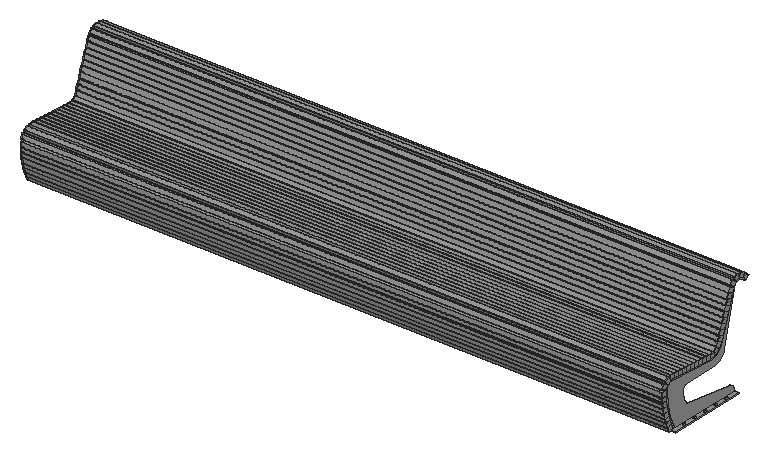
Revit family "Скамейка «Архимед»", category Антураж, Revit 2017
Family settings
  На основе рабочей плоскости = Нет
  Всегда вертикально = Да
  При загрузке вырезать с полостями = Нет
  Источник визуального образа = Геометрия семейства
  Общий = Нет
  Точка расчета площади = Нет
Parameters (values of type "Скамейка «Архимед» 5,5м")
  Центральная опора = yes
  Стоимость = 76767
  Изготовитель = "ООО \"Хоббика\""
  Высота = 0 mm
  URL = "https://hobbyka.ru/product/skameyka_arkhimed/?sphrase_id=90304"
  ADSK_Размер_Ширина = 921 mm  # constant formula
  ADSK_Размер_Длина = 5500 mm
  ADSK_Размер_Высота = 926 mm  # constant formula
  ADSK_Наименование = "Скамейка «Архимед»"
  ADSK_Материал фурнитуры = Сталь, окрашенная, темно-серая, матовая
  ADSK_Материал опоры = Сталь, окрашенная, темно-серая, матовая
  ADSK_Материал доски = Сосна, лучистая
  ADSK_Код изделия = "11478"  # constant formula
Types (9, lengths in mm): name | Центральная опора | Стоимость | ADSK_Размер_Длина
  (no name) | yes | 76767 | 5500
  Скамейка «Архимед» 1,2м | no | 26532 | 1200
  Скамейка «Архимед» 1,5м | no | 28023 | 1500
  Скамейка «Архимед» 1,8м | no | 30310 | 1800
  Скамейка «Архимед» 2,0м | no | 31835 | 2000
  Скамейка «Архимед» 2,0м (3опоры) | yes | 26532 | 3000
  Скамейка «Архимед» 2,5м (3 опоры) | yes | 43287 | 2500
  Скамейка «Архимед» 3,0м (3 опоры) | yes | 47099 | 2500
  Скамейка «Архимед» 5,5м | yes | 76767 | 5500
Reference planes
  plane 1 "По центру (Вперед/Назад)": y = 0
  plane 2: z = 0
  plane 3 "По центру (Влево/Вправо)": x = 0
  plane 4: x = -2750
  plane 5: x = 2750
Forms (mm)
  Extrusion 1, solid, not visible
    sketch origin (0, 0, 0) x (0, 1, 0) y (0, 0, 1)
      loop
        line (-734.679, 421.047) -> (-768.877, 400.946) -> (-782.356, 367.528) -> (-777.719, 365.657) -> (-764.876, 397.498) -> (-732.145, 416.737) -> (-734.679, 421.047)
      loop
        line (-256.635, 396.802) -> (-305.178, 392.779) -> (-305.178, 387.762) -> (-254.735, 391.942) -> (-213.989, 423.73) -> (-217.065, 427.672) -> (-256.635, 396.802)
      loop
        line (-37.078, 870.363) -> (-59.705, 845.204) -> (-56.164, 841.664) -> (-34.256, 866.024) -> (3.363, 878.271) -> (40.12, 865.328) -> (65.424, 836.119) -> (68.968, 839.664) -> (43.031, 869.604) -> (3.426, 883.55) -> (-37.078, 870.363)
    from 0 to 250
Dimensions and locks
  equal spacing: plane 4, plane 3 "По центру (Влево/Вправо)", plane 5
  "ADSK_Размер_Длина": plane 4 to plane 5
  aligned and locked: level to plane 2
  aligned and locked: nested 1 to plane 1 "По центру (Вперед/Назад)"
  aligned and locked: plane 4 to nested 1
  aligned and locked: plane 5 to nested 2
  aligned and locked: nested 1 to plane 4  (x2)
  aligned and locked: nested 4 to plane 4
  aligned and locked: nested 5 to plane 4
  aligned and locked: nested 6 to plane 4
  aligned and locked: nested 7 to plane 4
  aligned and locked: nested 8 to plane 4
  aligned and locked: nested 9 to plane 4
  aligned and locked: nested 10 to plane 4
  aligned and locked: nested 11 to plane 4
  aligned and locked: nested 12 to plane 4
  aligned and locked: nested 13 to plane 4
  aligned and locked: nested 14 to plane 4
  aligned and locked: nested 15 to plane 4
  aligned and locked: nested 16 to plane 4
  aligned and locked: nested 17 to plane 4
  aligned and locked: nested 18 to plane 4
  aligned and locked: nested 19 to plane 4
  aligned and locked: nested 20 to plane 4
  aligned and locked: nested 21 to plane 4
  aligned and locked: plane 4 to nested 23
  aligned and locked: plane 4 to nested 22
  aligned and locked: plane 4 to nested 28
  aligned and locked: plane 4 to nested 29
  aligned and locked: plane 4 to nested 38
  aligned and locked: plane 4 to nested 39
  aligned and locked: plane 4 to nested 37
  aligned and locked: plane 4 to nested 36
  aligned and locked: plane 4 to nested 35
  aligned and locked: plane 4 to nested 34
  aligned and locked: plane 4 to nested 32
  aligned and locked: plane 4 to nested 33
  aligned and locked: plane 4 to nested 31
  aligned and locked: plane 4 to nested 30
  aligned and locked: plane 4 to nested 24
  aligned and locked: plane 4 to nested 25
  aligned and locked: plane 4 to nested 26
  aligned and locked: plane 4 to nested 27
Automatic sketch dimensions
  plane 1 "По центру (Вперед/Назад)" to Extrusion 1 sketch curve = 782.356 mm
  level to Extrusion 1 sketch curve = 365.657 mm
  Extrusion 1 sketch curve to Extrusion 1 sketch curve = 4.637 mm
  Extrusion 1 sketch curve to Extrusion 1 sketch curve = 13.479 mm
  level to Extrusion 1 sketch curve = 397.498 mm
  Extrusion 1 sketch curve to Extrusion 1 sketch curve = 4.001 mm
  Extrusion 1 sketch curve to Extrusion 1 sketch curve = 30.198 mm
  level to Extrusion 1 sketch curve = 416.737 mm
  plane 1 "По центру (Вперед/Назад)" to Extrusion 1 sketch curve = 305.178 mm
  Extrusion 1 sketch curve to Extrusion 1 sketch curve = 48.543 mm
  Extrusion 1 sketch curve to Extrusion 1 sketch curve = 1.899 mm
  Extrusion 1 sketch curve to Extrusion 1 sketch curve = 39.57 mm
  Extrusion 1 sketch curve to Extrusion 1 sketch curve = 3.076 mm
  plane 1 "По центру (Вперед/Назад)" to Extrusion 1 sketch curve = 37.078 mm
  Extrusion 1 sketch curve to Extrusion 1 sketch curve = 2.822 mm
  Extrusion 1 sketch curve to plane 1 "По центру (Вперед/Назад)" = 3.363 mm
  Extrusion 1 sketch curve to plane 1 "По центру (Вперед/Назад)" = 3.426 mm
  Extrusion 1 sketch curve to Extrusion 1 sketch curve = 36.757 mm
  Extrusion 1 sketch curve to Extrusion 1 sketch curve = 2.911 mm
  Extrusion 1 sketch curve to Extrusion 1 sketch curve = 25.303 mm
  Extrusion 1 sketch curve to Extrusion 1 sketch curve = 3.545 mm  (x2)
  level to Extrusion 1 sketch curve = 387.762 mm
  Extrusion 1 sketch curve to Extrusion 1 sketch curve = 4.18 mm
  Extrusion 1 sketch curve to Extrusion 1 sketch curve = 5.017 mm
  Extrusion 1 sketch curve to Extrusion 1 sketch curve = 4.86 mm
  Extrusion 1 sketch curve to Extrusion 1 sketch curve = 408.447 mm
  Extrusion 1 sketch curve to Extrusion 1 sketch curve = 25.664 mm
  Extrusion 1 sketch curve to Extrusion 1 sketch curve = 0.696 mm
  Extrusion 1 sketch curve to Extrusion 1 sketch curve = 4.276 mm
  Extrusion 1 sketch curve to Extrusion 1 sketch curve = 4.34 mm
  Extrusion 1 sketch curve to Extrusion 1 sketch curve = 12.943 mm
  Extrusion 1 sketch curve to Extrusion 1 sketch curve = 5.279 mm
  Extrusion 1 sketch curve to Extrusion 1 sketch curve = 25.449 mm
  Extrusion 1 sketch curve to Extrusion 1 sketch curve = 3.54 mm  (x2)
  Extrusion 1 sketch curve to Extrusion 1 sketch curve = 24.36 mm
Nested families
  nested 1: "Опора" at (-2750, 0, 0), Материал <- "ADSK_Материал опоры", материал фурнитуры <- "ADSK_Материал фурнитуры", type "Опора"
    with материал фурнитуры Сталь, окрашенная, темно-серая, матовая, Материал Сталь, окрашенная, темно-серая, матовая
  nested 2: "Опора" at (2750, 0, 0) x (-1, 0, 0) z (0, 0, 1), Материал <- "ADSK_Материал опоры", материал фурнитуры <- "ADSK_Материал фурнитуры", type "Опора"
    with материал фурнитуры Сталь, окрашенная, темно-серая, матовая, Материал Сталь, окрашенная, темно-серая, матовая
  nested 3: "Опора" at (45, 0, 0) x (-1, 0, 0) z (0, 0, 1), visible <- "Центральная опора", Материал <- "ADSK_Материал опоры", материал фурнитуры <- "ADSK_Материал фурнитуры", type "Опора"
    with материал фурнитуры Сталь, окрашенная, темно-серая, матовая, Материал Сталь, окрашенная, темно-серая, матовая
  nested 4: "Брус с фаской" at (2750, -735.787, 422.537) x (-1, 0, 0) z (0, 0.0689, 0.9976), Длина <- "ADSK_Размер_Длина", Материал <- "ADSK_Материал доски", type "Брус с фаской"
    with Материал Сосна, лучистая, Длина 5500 mm
  nested 5: "Брус с фаской" at (2750, -693.3, 419.601) x (-1, 0, 0) z (0, 0.0689, 0.9976), Длина <- "ADSK_Размер_Длина", Материал <- "ADSK_Материал доски", type "Брус с фаской"
    with Материал Сосна, лучистая, Длина 5500 mm
  nested 6: "Брус с фаской" at (2750, -650.812, 416.665) x (-1, 0, 0) z (0, 0.0689, 0.9976), Длина <- "ADSK_Размер_Длина", Материал <- "ADSK_Материал доски", type "Брус с фаской"
    with Материал Сосна, лучистая, Длина 5500 mm
  nested 7: "Брус с фаской" at (2750, -608.324, 413.728) x (-1, 0, 0) z (0, 0.0689, 0.9976), Длина <- "ADSK_Размер_Длина", Материал <- "ADSK_Материал доски", type "Брус с фаской"
    with Материал Сосна, лучистая, Длина 5500 mm
  nested 8: "Брус с фаской" at (2750, -565.837, 410.792) x (-1, 0, 0) z (0, 0.0689, 0.9976), Длина <- "ADSK_Размер_Длина", Материал <- "ADSK_Материал доски", type "Брус с фаской"
    with Материал Сосна, лучистая, Длина 5500 mm
  nested 9: "Брус с фаской" at (2750, -523.349, 407.856) x (-1, 0, 0) z (0, 0.0689, 0.9976), Длина <- "ADSK_Размер_Длина", Материал <- "ADSK_Материал доски", type "Брус с фаской"
    with Материал Сосна, лучистая, Длина 5500 mm
  nested 10: "Брус с фаской" at (2750, -480.862, 404.92) x (-1, 0, 0) z (0, 0.0689, 0.9976), Длина <- "ADSK_Размер_Длина", Материал <- "ADSK_Материал доски", type "Брус с фаской"
    with Материал Сосна, лучистая, Длина 5500 mm
  nested 11: "Брус с фаской" at (2750, -438.374, 401.984) x (-1, 0, 0) z (0, 0.0689, 0.9976), Длина <- "ADSK_Размер_Длина", Материал <- "ADSK_Материал доски", type "Брус с фаской"
    with Материал Сосна, лучистая, Длина 5500 mm
  nested 12: "Брус с фаской" at (2750, -395.887, 399.047) x (-1, 0, 0) z (0, 0.0689, 0.9976), Длина <- "ADSK_Размер_Длина", Материал <- "ADSK_Материал доски", type "Брус с фаской"
    with Материал Сосна, лучистая, Длина 5500 mm
  nested 13: "Брус с фаской" at (2750, -353.399, 396.111) x (-1, 0, 0) z (0, 0.0689, 0.9976), Длина <- "ADSK_Размер_Длина", Материал <- "ADSK_Материал доски", type "Брус с фаской"
    with Материал Сосна, лучистая, Длина 5500 mm
  nested 14: "Брус с фаской" at (2750, -781.254, 324.511) x (-1, 0, 0) z (0, -0.9993, -0.037), Длина <- "ADSK_Размер_Длина", Материал <- "ADSK_Материал доски", type "Брус с фаской"
    with Материал Сосна, лучистая, Длина 5500 mm
  nested 15: "Брус с фаской" at (2750, -778.495, 284) x (-1, 0, 0) z (0, -0.9951, -0.0988), Длина <- "ADSK_Размер_Длина", Материал <- "ADSK_Материал доски", type "Брус с фаской"
    with Материал Сосна, лучистая, Длина 5500 mm
  nested 16: "Брус с фаской" at (2750, -772.975, 242.154) x (-1, 0, 0) z (0, -0.9867, -0.1626), Длина <- "ADSK_Размер_Длина", Материал <- "ADSK_Материал доски", type "Брус с фаской"
    with Материал Сосна, лучистая, Длина 5500 mm
  nested 17: "Брус с фаской" at (2750, -765.163, 202.439) x (-1, 0, 0) z (0, -0.9748, -0.2232), Длина <- "ADSK_Размер_Длина", Материал <- "ADSK_Материал доски", type "Брус с фаской"
    with Материал Сосна, лучистая, Длина 5500 mm
  nested 18: "Брус с фаской" at (2750, -754.334, 161.327) x (-1, 0, 0) z (0, -0.9583, -0.2859), Длина <- "ADSK_Размер_Длина", Материал <- "ADSK_Материал доски", type "Брус с фаской"
    with Материал Сосна, лучистая, Длина 5500 mm
  nested 19: "Брус с фаской" at (2750, -741.535, 122.823) x (-1, 0, 0) z (0, -0.9387, -0.3447), Длина <- "ADSK_Размер_Длина", Материал <- "ADSK_Материал доски", type "Брус с фаской"
    with Материал Сосна, лучистая, Длина 5500 mm
  nested 20: "Брус с фаской" at (2750, -725.711, 83.671) x (-1, 0, 0) z (0, -0.9146, -0.4044), Длина <- "ADSK_Размер_Длина", Материал <- "ADSK_Материал доски", type "Брус с фаской"
    with Материал Сосна, лучистая, Длина 5500 mm
  nested 21: "Брус с фаской" at (2750, -708.663, 48.055) x (-1, 0, 0) z (0, -0.8886, -0.4587), Длина <- "ADSK_Размер_Длина", Материал <- "ADSK_Материал доски", type "Брус с фаской"
    with Материал Сосна, лучистая, Длина 5500 mm
  nested 22: "Брус с фаской" at (-2750, -732.955, 422.061) x (1, 0, 0) z (0, -0.5067, 0.8621), Длина <- "ADSK_Размер_Длина", Материал <- "ADSK_Материал доски", type "Брус с фаской"
    with Материал Сосна, лучистая, Длина 5500 mm
  nested 23: "Брус с фаской" at (-2750, -767.672, 403.934) x (1, 0, 0) z (0, -0.9274, 0.3741), Длина <- "ADSK_Размер_Длина", Материал <- "ADSK_Материал доски", type "Брус с фаской"
    with Материал Сосна, лучистая, Длина 5500 mm
  nested 24: "Брус с фаской" at (-2750, -34.294, 873.458) x (1, 0, 0) z (0, -0.7435, 0.6687), Длина <- "ADSK_Размер_Длина", Материал <- "ADSK_Материал доски", type "Брус с фаской"
    with Материал Сосна, лучистая, Длина 5500 mm
  nested 25: "Брус с фаской" at (-2750, 3.426, 883.55) x (1, 0, 0) z (0, -0.3096, 0.9509), Длина <- "ADSK_Размер_Длина", Материал <- "ADSK_Материал доски", type "Брус с фаской"
    with Материал Сосна, лучистая, Длина 5500 mm
  nested 26: "Брус с фаской" at (-2750, 43.031, 869.604) x (1, 0, 0) z (0, 0.3321, 0.9432), Длина <- "ADSK_Размер_Длина", Материал <- "ADSK_Материал доски", type "Брус с фаской"
    with Материал Сосна, лучистая, Длина 5500 mm
  nested 27: "Брус с фаской" at (-2750, 70.512, 837.881) x (1, 0, 0) z (0, 0.7558, 0.6548), Длина <- "ADSK_Размер_Длина", Материал <- "ADSK_Материал доски", type "Брус с фаской"
    with Материал Сосна, лучистая, Длина 5500 mm
  nested 28: "Брус с фаской" at (-2750, -267.308, 395.917) x (1, 0, 0) z (0, -0.0826, 0.9966), Длина <- "ADSK_Размер_Длина", Материал <- "ADSK_Материал доски", type "Брус с фаской"
    with Материал Сосна, лучистая, Длина 5500 mm
  nested 29: "Брус с фаской" at (-2750, -215.488, 428.902) x (1, 0, 0) z (0, -0.6151, 0.7884), Длина <- "ADSK_Размер_Длина", Материал <- "ADSK_Материал доски", type "Брус с фаской"
    with Материал Сосна, лучистая, Длина 5500 mm
  nested 30: "Брус с фаской" at (-2750, -58.646, 843.039) x (1, 0, 0) z (0, -0.9409, 0.3388), Длина <- "ADSK_Размер_Длина", Материал <- "ADSK_Материал доски", type "Брус с фаской"
    with Материал Сосна, лучистая, Длина 5500 mm
  nested 31: "Брус с фаской" at (-2750, -73.108, 802.875) x (1, 0, 0) z (0, -0.9409, 0.3388), Длина <- "ADSK_Размер_Длина", Материал <- "ADSK_Материал доски", type "Брус с фаской"
    with Материал Сосна, лучистая, Длина 5500 mm
  nested 32: "Брус с фаской" at (-2750, -87.57, 762.712) x (1, 0, 0) z (0, -0.9409, 0.3388), Длина <- "ADSK_Размер_Длина", Материал <- "ADSK_Материал доски", type "Брус с фаской"
    with Материал Сосна, лучистая, Длина 5500 mm
  nested 33: "Брус с фаской" at (-2750, -102.032, 722.549) x (1, 0, 0) z (0, -0.9409, 0.3388), Длина <- "ADSK_Размер_Длина", Материал <- "ADSK_Материал доски", type "Брус с фаской"
    with Материал Сосна, лучистая, Длина 5500 mm
  nested 34: "Брус с фаской" at (-2750, -116.494, 682.386) x (1, 0, 0) z (0, -0.9409, 0.3388), Длина <- "ADSK_Размер_Длина", Материал <- "ADSK_Материал доски", type "Брус с фаской"
    with Материал Сосна, лучистая, Длина 5500 mm
  nested 35: "Брус с фаской" at (-2750, -130.956, 642.222) x (1, 0, 0) z (0, -0.9409, 0.3388), Длина <- "ADSK_Размер_Длина", Материал <- "ADSK_Материал доски", type "Брус с фаской"
    with Материал Сосна, лучистая, Длина 5500 mm
  nested 36: "Брус с фаской" at (-2750, -145.418, 602.059) x (1, 0, 0) z (0, -0.9409, 0.3388), Длина <- "ADSK_Размер_Длина", Материал <- "ADSK_Материал доски", type "Брус с фаской"
    with Материал Сосна, лучистая, Длина 5500 mm
  nested 37: "Брус с фаской" at (-2750, -159.88, 561.896) x (1, 0, 0) z (0, -0.9409, 0.3388), Длина <- "ADSK_Размер_Длина", Материал <- "ADSK_Материал доски", type "Брус с фаской"
    with Материал Сосна, лучистая, Длина 5500 mm
  nested 38: "Брус с фаской" at (-2750, -174.342, 521.733) x (1, 0, 0) z (0, -0.9409, 0.3388), Длина <- "ADSK_Размер_Длина", Материал <- "ADSK_Материал доски", type "Брус с фаской"
    with Материал Сосна, лучистая, Длина 5500 mm
  nested 39: "Брус с фаской" at (-2750, -188.804, 481.569) x (1, 0, 0) z (0, -0.9409, 0.3388), Длина <- "ADSK_Размер_Длина", Материал <- "ADSK_Материал доски", type "Брус с фаской"
    with Материал Сосна, лучистая, Длина 5500 mm
Definition of nested family "Опора"
  Parameters (values of type "Опора")
    материал фурнитуры [instance] = none
    Материал [instance] = none
    Height = 0 mm
  Reference planes
    plane 1 "По центру (Вперед/Назад)": y = 0
    plane 2: z = 0
    plane 3 "По центру (Влево/Вправо)": x = 0
  Forms (mm)
    Extrusion 1, solid, material <- "Материал"
      sketch origin (0, 0, 0) x (0, 1, 0) y (0, 0, 1)
        loop
          arc (17.866, 873.138) -> (-22.62, 870.045) -> (-53.219, 843.353) r 64.435
          line (-53.219, 843.353) -> (-194.692, 450.461)
          arc (-194.692, 450.461) -> (-234.54, 406.289) -> (-290.736, 386.769) r 119.643
          line (-290.736, 386.769) -> (-702.167, 415.202) -> (-719.272, 415.202)
          arc (-719.272, 415.202) -> (-758.383, 399.846) -> (-776.569, 361.967) r 57.427
          arc (-776.569, 361.967) -> (-769.391, 251.51) -> (-743.593, 143.869) r 650.563
          arc (-743.593, 143.869) -> (-724.861, 93.43) -> (-702.604, 44.447) r 764.905
          arc (-702.604, 44.447) -> (-692.657, 25.494) -> (-681.881, 7) r 482.919
          line (-681.881, 7) -> (0, 7) -> (-7.088, 26.892)
          arc (-7.088, 26.892) -> (-23.205, 51.852) -> (-50.279, 64.088) r 52.568
          line (-50.279, 64.088) -> (-486.198, 124.608)
          arc (-486.198, 124.608) -> (-512.864, 133.99) -> (-529.908, 156.542) r 48.991
          line (-529.908, 156.542) -> (-552.123, 216.413)
          arc (-552.123, 216.413) -> (-545.45, 265.474) -> (-501.5, 288.273) r 53.761
          line (-501.5, 288.273) -> (-211.8, 288.273)
          arc (-211.8, 288.273) -> (-148.862, 313.004) -> (-110.047, 368.377) r 117.252
          line (-110.047, 368.377) -> (17.866, 873.138)
      from 40 to 50
    Extrusion 2, solid, material <- "Материал"
      sketch origin (0, 0, 0) x (1, 0, 0) y (0, 1, 0)
        loop
          line (90, -681.877) -> (90, 0) -> (0, 0) -> (0, -681.877) -> (90, -681.877)
        loop
          circle (70, -113.646) r 8
        loop
          circle (20, -113.646) r 8
        loop
          circle (20, -227.292) r 8
        loop
          circle (70, -227.292) r 8
        loop
          circle (70, -340.938) r 8
        loop
          circle (20, -340.938) r 8
        loop
          circle (70, -454.584) r 8
        loop
          circle (20, -454.584) r 8
        loop
          circle (70, -568.23) r 8
        loop
          circle (20, -568.23) r 8
      from 0 to 7
    Extrusion 3, solid, material <- "Материал"
      sketch origin (0, 0, 0) x (0, 1, 0) y (0, 0, 1)
        loop
          arc (-743.593, 143.869) -> (-769.391, 251.51) -> (-776.569, 361.967) r 650.563
          arc (-776.569, 361.967) -> (-758.383, 399.846) -> (-719.272, 415.202) r 57.427
          line (-719.272, 415.202) -> (-702.167, 415.202) -> (-290.736, 386.769)
          arc (-290.736, 386.769) -> (-234.54, 406.289) -> (-194.692, 450.461) r 119.643
          line (-194.692, 450.461) -> (-53.219, 843.353)
          arc (-53.219, 843.353) -> (-2.151, 874.899) -> (52.763, 850.66) r 64.435
          line (52.763, 850.66) -> (56.32, 854.218)
          arc (56.32, 854.218) -> (-3.021, 879.849) -> (-57.767, 845.48) r 69.435
          line (-57.767, 845.48) -> (-199.278, 452.482)
          arc (-199.278, 452.482) -> (-237.288, 410.466) -> (-290.776, 391.783) r 114.643
          line (-290.776, 391.783) -> (-701.995, 420.202) -> (-719.271, 420.202)
          arc (-719.271, 420.202) -> (-761.836, 403.463) -> (-781.565, 362.198) r 62.427
          arc (-781.565, 362.198) -> (-774.345, 250.827) -> (-748.338, 142.294) r 655.563
          arc (-748.338, 142.294) -> (-730.67, 94.421) -> (-709.869, 47.824) r 769.905
          line (-709.869, 47.824) -> (-705.373, 50.012)
          arc (-705.373, 50.012) -> (-726.039, 96.307) -> (-743.593, 143.869) r 764.905
      from 0 to 90
    Extrusion 4, solid, material <- "материал фурнитуры"
      sketch origin (0, 0, 0) x (1, 0, 0) y (0, 1, 0)
        loop
          circle (20, -113.646) r 9
        loop
          circle (70, -113.646) r 9
        loop
          circle (20, -227.292) r 9
        loop
          circle (70, -227.292) r 9
        loop
          circle (20, -340.938) r 9
        loop
          circle (70, -340.938) r 9
        loop
          circle (20, -454.584) r 9
        loop
          circle (70, -454.584) r 9
        loop
          circle (20, -568.23) r 9
        loop
          circle (70, -568.23) r 9
      from 7 to 9
  Dimensions and locks
    aligned and locked: level to plane 2
Definition of nested family "Брус с фаской"
  Parameters (values of type "Брус с фаской")
    Default Elevation = 1219.2 mm
    Материал [instance] = none
    Длина [instance] = 1200 mm
  Reference planes
    plane 1 "По центру (Вперед/Назад)": y = 0
    plane 2: z = 0
    plane 3 "По центру (Влево/Вправо)": x = 0
    plane 4: x = 1200
    plane 5: x = 1195
    plane 6: x = 5
  Forms (mm)
    Extrusion 1, solid
      sketch origin (0, 0, 0) x (1, 0, 0) y (0, 1, 0)
        loop
          line (-1219.2, 1219.2) -> (-1219.2, -1219.2) -> (1219.2, -1219.2) -> (1219.2, 1219.2) -> (-1219.2, 1219.2)
      from 0 to -304.8
    Extrusion 2, solid, material <- "Материал"
      sketch origin (0, 0, 0) x (0, 1, 0) y (0, 0, 1)
        loop
          line (-40, 38) -> (-40, 2) -> (-38, 0) -> (-2, 0) -> (0, 2) -> (0, 38) -> (-2, 40) -> (-38, 40) -> (-40, 38)
      from 5 to 1195
    Blend 3, solid, material <- "Материал"
      base sketch origin (0, 0, 0) x (0, 1, 0) y (0, 0, 1)
        loop
          line (-2, 40) -> (-38, 40) -> (-40, 38) -> (-40, 2) -> (-38, 0) -> (-2, 0) -> (0, 2) -> (0, 38) -> (-2, 40)
      top sketch origin (0, 0, 0) x (0, 1, 0) y (0, 0, 1)
        loop
          line (-2.828, 38) -> (-37.172, 38) -> (-38, 37.172) -> (-38, 2.828) -> (-37.172, 2) -> (-2.828, 2) -> (-2, 2.828) -> (-2, 37.172) -> (-2.828, 38)
      from 1195 to 1200
    Blend 4, solid, material <- "Материал"
      base sketch origin (1080.861, 0, 0) x (0, 1, 0) y (0, 0, -1)
        loop
          line (-2, -40) -> (0, -38) -> (0, -2) -> (-2, 0) -> (-38, 0) -> (-40, -2) -> (-40, -38) -> (-38, -40) -> (-2, -40)
      top sketch origin (1080.861, 0, 0) x (0, 1, 0) y (0, 0, -1)
        loop
          line (-2.828, -38) -> (-2, -37.172) -> (-2, -2.828) -> (-2.828, -2) -> (-37.172, -2) -> (-38, -2.828) -> (-38, -37.172) -> (-37.172, -38) -> (-2.828, -38)
      from 1075.861 to 1080.861
  Dimensions and locks
    "Длина": plane 3 "По центру (Влево/Вправо)" to plane 4
    locked: plane 3 "По центру (Влево/Вправо)" to plane 6 at 5
    locked: plane 5 to plane 4 at 5
    aligned and locked: plane 2 to Extrusion 1
    aligned and locked: level to Extrusion 1
    aligned and locked: plane 5 to Extrusion 2
    aligned and locked: Extrusion 2 to plane 6
    aligned and locked: plane 4 to Blend 3
    aligned and locked: Blend 3 to plane 5
    aligned and locked: plane 6 to Blend 4
    aligned and locked: Blend 4 to plane 6
    aligned and locked: Blend 4 to plane 3 "По центру (Влево/Вправо)"
  Automatic sketch dimensions
    Extrusion 1 sketch curve to Extrusion 1 sketch curve = 2438.4 mm  (x2)
    Extrusion 2 sketch curve to level = 0 mm
    Extrusion 2 sketch curve to plane 1 "По центру (Вперед/Назад)" = 0 mm
    plane 1 "По центру (Вперед/Назад)" to Extrusion 2 sketch curve = 2 mm  (x2)
    Extrusion 2 sketch curve to Extrusion 2 sketch curve = 36 mm  (x4)
    Extrusion 2 sketch curve to Extrusion 2 sketch curve = 2 mm  (x2)
    level to Extrusion 2 sketch curve = 2 mm  (x2)
    Blend 3 sketch curve to level = 0 mm
    Blend 3 sketch curve to plane 1 "По центру (Вперед/Назад)" = 0 mm
    plane 1 "По центру (Вперед/Назад)" to Blend 3 sketch curve = 2 mm  (x2)
    Blend 3 sketch curve to Blend 3 sketch curve = 36 mm  (x4)
    level to Blend 3 sketch curve = 2 mm  (x3)
    Blend 3 sketch curve to Blend 3 sketch curve = 2 mm  (x2)
    level to Blend 3 sketch curve = 2.828 mm
    plane 1 "По центру (Вперед/Назад)" to Blend 3 sketch curve = 38 mm
    Blend 3 sketch curve to Blend 3 sketch curve = 0.828 mm  (x5)
    plane 1 "По центру (Вперед/Назад)" to Blend 3 sketch curve = 2.828 mm  (x2)
    Blend 3 sketch curve to Blend 3 sketch curve = 34.343 mm  (x2)
    Blend 4 sketch curve to level = 0 mm
    Blend 4 sketch curve to plane 1 "По центру (Вперед/Назад)" = 0 mm
    plane 1 "По центру (Вперед/Назад)" to Blend 4 sketch curve = 2 mm  (x2)
    Blend 4 sketch curve to Blend 4 sketch curve = 36 mm  (x3)
    level to Blend 4 sketch curve = 2 mm  (x3)
    Blend 4 sketch curve to Blend 4 sketch curve = 2 mm  (x2)
    level to Blend 4 sketch curve = 38 mm
    level to Blend 4 sketch curve = 2.828 mm
    plane 1 "По центру (Вперед/Назад)" to Blend 4 sketch curve = 38 mm
    Blend 4 sketch curve to Blend 4 sketch curve = 0.828 mm  (x5)
    plane 1 "По центру (Вперед/Назад)" to Blend 4 sketch curve = 2.828 mm  (x2)
    Blend 4 sketch curve to Blend 4 sketch curve = 35.172 mm
    Blend 4 sketch curve to Blend 4 sketch curve = 34.343 mm
